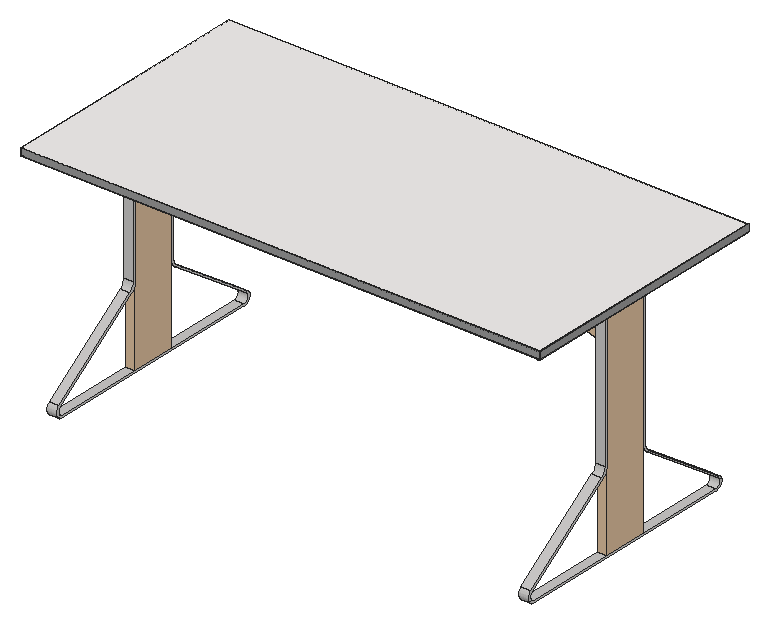
Revit family "Artek_Tables_Kaari Table rectangular_Kaari Table rectangular REB012", category Furniture, Revit 2017
Family settings
  OmniClass Number = 23.40.20.14.17.11
  OmniClass Title = Dining Room Tables
  Work Plane-Based = No
  Always vertical = Yes
  Cut with Voids When Loaded = No
  Shared = No
  Room Calculation Point = No
Parameters (values of type "Kaari Table rectangular REB012")
  WarrantyStartDate [instance] = "n/a"
  WarrantyGuarantorParts = "n/a"
  WarrantyGuarantorLabor = "n/a"
  WarrantyDurationUnit = "Years"
  WarrantyDurationParts = "n/a"
  WarrantyDurationLabor = "n/a"
  WarrantyDescription = "n/a"
  VersionDate = "11/3/2020"  # constant formula
  Version = "1"  # constant formula
  Uniclass2015Reference = "Pr_40_50_21_22"
  Uniclass2015Description = "Dining tables"
  Uniclass2 = "Pr_40_50_21_21"
  URL = "https://www.artek.fi/en/products/kaari-table-rectangular"
  Type Comments = ""
  TagNumber [instance] = "n/a"
  TableTopMaterial [instance] = HPL, high-gloss white
  SustainabilityPerformance = "n/a"
  Style = "n/a"
  Size = "1600x740x800 mm"
  Shape = "Sculptured"
  SerialNumber [instance] = "n/a"
  Revision = "n/a"
  ReplacementCost = "n/a"
  ProductInformation = "n/a"
  Product data url = ""
  NominalLength = 1600 mm
  NominalHeight = 740 mm
  NominalDepth = 800 mm
  Name = "Kaari Table rectangular REB012"
  NBSReference = "45-35-86/327"
  NBSDescription = "Tables"
  ModelReference = "n/a"
  ModelNumber = "28305702"
  Material = "Wood/Steel"
  ManufacturerURL = "https://www.artek.fi/"
  ManufacturerName = "Artek"
  Model = "Kaari Table rectangular REB012"
  Manufacturer = "Artek"
  MainColor = "Natural/black oak"
  LegsMaterial [instance] = Natural oak, with protective varnish
  InstallationDate [instance] = "n/a"
  IfcExportType = "TABLE"  # constant formula
  IfcExportAs = "IfcFurnishingElementType"  # constant formula
  Grade = "n/a"
  Finish = "n/a"
  Features = "n/a"
  ExpectedLife = "n/a"
  DurationUnit = "Years"
  Designer = "Ronan & Erwan Bouroullec"
  Description = ""
  Cost = 0
  ConvergoRefNr = "0190-2009-0030-FI"  # constant formula
  Constituents = "n/a"
  Color = "Natural/black oak"
  Collection = "Kaari Collection"
  CodePerformance = "n/a"
  Barcode [instance] = "n/a"
  AssetIdentifier [instance] = "n/a"
  Category = "Tables"
  Brand = "Artek"
  BIMObjectName = "Artek_Tables_Kaari Table rectangular_Kaari Table rectangular REB012"  # constant formula
  Author = "Convergo AB"  # constant formula
  AssetType = "Movable"
  AccessibilityPerformance = "n/a"
Reference planes
  plane 1 "Center (Front/Back)": y = 0
  plane 2: z = 0
  plane 3 "Center (Left/Right)": x = 0
  plane 4: x = -800
  plane 5: x = 800
  plane 6: y = 400
  plane 7: y = -400
  plane 8: z = 740
Dimensions and locks
  equal spacing: plane 4, plane 3 "Center (Left/Right)", plane 5
  "NominalLength": plane 4 to plane 5
  equal spacing: plane 7, plane 1 "Center (Front/Back)", plane 6
  "NominalDepth": plane 7 to plane 6
  "NominalHeight": plane 8 to plane 2
  aligned and locked: level to plane 2
Nested families
  nested 1: "kaari_table_160x80" at (0, 0, 0), Legs <- "LegsMaterial", Table <- "TableTopMaterial", type "kaari_table_160x80"
    with TableFrame ABS, Table HPL, high-gloss white, LegsFrame Flat rolled steel, Legs Natural oak, with protective varnish
Definition of nested family "kaari_table_160x80"
  Parameters (values of type "kaari_table_160x80")
    TableFrame [instance] = none
    Table [instance] = none
    LegsFrame [instance] = none
    Legs [instance] = none
  Reference planes
    plane 1 "Center (Front/Back)": y = 0
    plane 2: z = 0
    plane 3 "Center (Left/Right)": x = 0
  Forms (mm)
    Extrusion 1, solid, material <- "Legs", detail levels medium+fine
      sketch origin (0, 0, 0) x (0, 1, 0) y (0, 0, 1)
        loop
          line (70, 716) -> (-70, 716) -> (-70, 10.5) -> (70, 10.5) -> (70, 716)
      from -740.5 to -711.5
    Extrusion 2, solid, material <- "Legs", detail levels medium+fine
      sketch origin (0, 0, 0) x (0, 1, 0) y (0, 0, -1)
        loop
          line (70, -716) -> (70, -10.5) -> (-70, -10.5) -> (-70, -716) -> (70, -716)
      from -740.5 to -711.5
    Extrusion 3, solid, material <- "Legs", detail levels medium+fine
      sketch origin (0, 0, 0) x (1, 0, 0) y (0, 0, 1)
        loop
          line (458.253, 616) -> (463.645, 615.259) -> (711, 546) -> (711, 716) -> (-711, 716) -> (-711, 546) -> (-463.645, 615.259) -> (-458.253, 616) -> (458.253, 616)
      from -14 to 14
    Extrusion 4, solid, material <- "LegsFrame", detail levels medium+fine
      sketch origin (0, 0, 0) x (0, 1, 0) y (0, 0, 1)
        loop
          line (0.029, 4.5) -> (350.037, 4.5)
          arc (350.037, 4.5) -> (370.063, 19.183) -> (362.081, 42.697) r 20.997
          line (362.081, 42.697) -> (88.822, 234.036)
          arc (88.822, 234.036) -> (79.419, 244.758) -> (76.029, 258.611) r 30
          line (76.029, 258.611) -> (76.029, 716) -> (70, 716) -> (70, 258.69)
          arc (70, 258.69) -> (74.081, 242.014) -> (85.4, 229.107) r 36.115
          line (85.4, 229.107) -> (358.633, 37.787)
          arc (358.633, 37.787) -> (364.335, 20.989) -> (350.029, 10.5) r 15
          line (350.029, 10.5) -> (-350.029, 10.5)
          arc (-350.029, 10.5) -> (-364.335, 20.989) -> (-358.633, 37.787) r 15
          line (-358.633, 37.787) -> (-85.346, 229.145)
          arc (-85.346, 229.145) -> (-74.066, 242.007) -> (-70, 258.624) r 35.988
          line (-70, 258.624) -> (-70, 716) -> (-76.029, 716) -> (-76.029, 258.833)
          arc (-76.029, 258.833) -> (-79.467, 244.783) -> (-89.004, 233.908) r 30.428
          line (-89.004, 233.908) -> (-362.081, 42.697)
          arc (-362.081, 42.697) -> (-370.063, 19.183) -> (-350.037, 4.5) r 20.997
          line (-350.037, 4.5) -> (-0.029, 4.5)
      from -741 to -711
    Extrusion 5, solid, material <- "LegsFrame", detail levels medium+fine
      sketch origin (0, 0, 0) x (0, 1, 0) y (0, 0, -1)
        loop
          line (0.029, -4.5) -> (350.037, -4.5)
          arc (350.037, -4.5) -> (370.063, -19.183) -> (362.081, -42.697) r 20.997
          line (362.081, -42.697) -> (88.822, -234.036)
          arc (88.822, -234.036) -> (79.419, -244.758) -> (76.029, -258.611) r 30
          line (76.029, -258.611) -> (76.029, -716) -> (70, -716) -> (70, -258.69)
          arc (70, -258.69) -> (74.081, -242.014) -> (85.4, -229.107) r 36.115
          line (85.4, -229.107) -> (358.633, -37.787)
          arc (358.633, -37.787) -> (364.335, -20.989) -> (350.029, -10.5) r 15
          line (350.029, -10.5) -> (-350.029, -10.5)
          arc (-350.029, -10.5) -> (-364.335, -20.989) -> (-358.633, -37.787) r 15
          line (-358.633, -37.787) -> (-85.346, -229.145)
          arc (-85.346, -229.145) -> (-74.066, -242.007) -> (-70, -258.624) r 35.988
          line (-70, -258.624) -> (-70, -716) -> (-76.029, -716) -> (-76.029, -258.833)
          arc (-76.029, -258.833) -> (-79.467, -244.783) -> (-89.004, -233.908) r 30.428
          line (-89.004, -233.908) -> (-362.081, -42.697)
          arc (-362.081, -42.697) -> (-370.063, -19.183) -> (-350.037, -4.5) r 20.997
          line (-350.037, -4.5) -> (-0.029, -4.5)
      from -741 to -711
    Extrusion 6, solid, material <- "Table", detail levels medium+fine
      sketch origin (0, 0, 0) x (1, 0, 0) y (0, 1, 0)
        loop
          line (-799.6, -399.6) -> (799.6, -399.6) -> (799.6, 399.6) -> (-799.6, 399.6) -> (-799.6, -399.6)
      from 716 to 740
    Extrusion 7, solid, material <- "TableFrame", detail levels medium+fine
      sketch origin (10, 0, 0) x (1, 0, 0) y (0, 1, 0)
        loop
          arc (-743, 286) -> (-741.536, 282.464) -> (-738, 281) r 5
          line (-738, 281) -> (-734, 281)
          arc (-734, 281) -> (-730.464, 282.464) -> (-729, 286) r 5
          line (-729, 286) -> (-729, 334)
          arc (-729, 334) -> (-730.464, 337.536) -> (-734, 339) r 5
          line (-734, 339) -> (-738, 339)
          arc (-738, 339) -> (-741.536, 337.536) -> (-743, 334) r 5
          line (-743, 334) -> (-743, 286)
        loop
          line (-743, -286) -> (-743, -334)
          arc (-743, -334) -> (-741.536, -337.536) -> (-738, -339) r 5
          line (-738, -339) -> (-734, -339)
          arc (-734, -339) -> (-730.464, -337.536) -> (-729, -334) r 5
          line (-729, -334) -> (-729, -286)
          arc (-729, -286) -> (-730.464, -282.464) -> (-734, -281) r 5
          line (-734, -281) -> (-738, -281)
          arc (-738, -281) -> (-741.536, -282.464) -> (-743, -286) r 5
        loop
          line (723, 286) -> (723, 334)
          arc (723, 334) -> (721.536, 337.536) -> (718, 339) r 5
          line (718, 339) -> (714, 339)
          arc (714, 339) -> (710.464, 337.536) -> (709, 334) r 5
          line (709, 334) -> (709, 286)
          arc (709, 286) -> (710.464, 282.464) -> (714, 281) r 5
          line (714, 281) -> (718, 281)
          arc (718, 281) -> (721.536, 282.464) -> (723, 286) r 5
        loop
          arc (723, -286) -> (721.536, -282.464) -> (718, -281) r 5
          line (718, -281) -> (714, -281)
          arc (714, -281) -> (710.464, -282.464) -> (709, -286) r 5
          line (709, -286) -> (709, -334)
          arc (709, -334) -> (710.464, -337.536) -> (714, -339) r 5
          line (714, -339) -> (718, -339)
          arc (718, -339) -> (721.536, -337.536) -> (723, -334) r 5
          line (723, -334) -> (723, -286)
      from 0 to 4.5
    Extrusion 8, solid, material <- "TableFrame", detail levels medium+fine
      sketch origin (0, 0, 0) x (1, 0, 0) y (0, 1, 0)
        loop
          line (-800, 400) -> (-800, -400) -> (800, -400) -> (800, 400) -> (-800, 400)
        loop
          line (799.6, -399.6) -> (799.6, 399.6) -> (-799.6, 399.6) -> (-799.6, -399.6) -> (799.6, -399.6)
      from 716 to 740
    Sweep 9, void
      path in 3D
        loop
          line (-800, -400, 740) -> (800, -400, 740) -> (800, 400, 740) -> (-800, 400, 740) -> (-800, -400, 740)
      profile origin (-800, 0, 740) x (1, 0, 0) y (0, 0, 1)
        loop
          line (0, 0) -> (0, -1) -> (1, 0) -> (0, 0)
    Sweep 10, void
      path in 3D
        loop
          line (-800, -400, 716) -> (-800, 400, 716) -> (800, 400, 716) -> (800, -400, 716) -> (-800, -400, 716)
      profile origin (0, -400, 716) x (0, 1, 0) y (0, 0, -1)
        loop
          line (0, 0) -> (0, -1) -> (1, 0) -> (0, 0)
    Extrusion 11, solid, material <- "Table", detail levels coarse
      sketch origin (0, 0, 0) x (1, 0, 0) y (0, 1, 0)
        loop
          line (-800, 400) -> (-800, -400) -> (800, -400) -> (800, 400) -> (-800, 400)
      from 0 to 740
  Cuts and joins
    Sweep 9, Sweep 10 cuts Extrusion 6
    Sweep 9, Sweep 10 cuts Extrusion 8
  Lines and regions (mm)
    symbolic lines, detail levels medium+fine
      curve 1: line (0, 0, 740) -> (-799, 0, 740)
      curve 2: line (-799, 0, 740) -> (-800, 0, 739)
      curve 3: line (-800, 0, 739) -> (-800, 0, 717)
      curve 4: line (-800, 0, 717) -> (-799, 0, 716)
      curve 5: line (-799, 0, 716) -> (-740.5, 0, 716)
      curve 6: line (-740.5, 0, 716) -> (-740.5, 0, 4.5)
      curve 7: line (-740.5, 0, 4.5) -> (-732.5, 0, 4.5)
      curve 8: line (-711, 0, 4.5) -> (-711, 0, 546)
      curve 9: line (-458.253, 0, 616) -> (0, 0, 616)
      curve 12: line (0, 0, 740) -> (799, 0, 740)
      curve 13: line (799, 0, 740) -> (800, 0, 739)
      curve 14: line (800, 0, 739) -> (800, 0, 717)
      curve 15: line (800, 0, 717) -> (799, 0, 716)
      curve 16: line (799, 0, 716) -> (740.5, 0, 716)
      curve 17: line (740.5, 0, 716) -> (740.5, 0, 4.5)
      curve 18: line (740.5, 0, 4.5) -> (733, 0, 4.5)
      curve 19: line (711, 0, 4.5) -> (711, 0, 546)
      curve 20: line (458.253, 0, 616) -> (0, 0, 616)
      curve 23: line (0, 0, 740) -> (0, 399, 740)
      curve 24: line (0, 399, 740) -> (0, 400, 739)
      curve 25: line (0, 400, 739) -> (0, 400, 717)
      curve 26: line (0, 400, 717) -> (0, 399, 716)
      curve 27: line (0, 399, 716) -> (0, 76.029, 716)
      curve 28: line (0, 76.029, 716) -> (0, 76.029, 258.611)
      curve 29: arc (0, 88.822, 234.036) -> (0, 79.419, 244.758) -> (0, 76.029, 258.611) r 30
      curve 30: line (0, 362.081, 42.697) -> (0, 88.822, 234.036)
      curve 31: arc (0, 350.037, 4.5) -> (0, 370.063, 19.183) -> (0, 362.081, 42.697) r 20.997
      curve 32: line (0, -0.029, 4.5) -> (0, 281, 4.5)
      curve 39: line (0, 0, 740) -> (0, -399, 740)
      curve 40: line (0, -399, 740) -> (0, -400, 739)
      curve 41: line (0, -400, 739) -> (0, -400, 717)
      curve 42: line (0, -400, 717) -> (0, -399, 716)
      curve 43: line (0, -399, 716) -> (0, -76.029, 716)
      curve 44: line (0, -76.029, 716) -> (0, -76.029, 258.611)
      curve 45: arc (0, -88.822, 234.036) -> (0, -79.419, 244.758) -> (0, -76.029, 258.611) r 30
      curve 46: line (0, -362.081, 42.697) -> (0, -88.822, 234.036)
      curve 47: arc (0, -350.037, 4.5) -> (0, -370.063, 19.183) -> (0, -362.081, 42.697) r 20.997
      curve 48: line (0, -0.029, 4.5) -> (0, -281, 4.5)
      curve 55: line (-732.5, 0, 4.5) -> (-732.5, 0, 0)
      curve 56: line (-732.5, 0, 0) -> (-718.5, 0, 0)
      curve 57: line (-718.5, 0, 0) -> (-718.5, 0, 4.5)
      curve 59: line (-718.5, 0, 4.5) -> (-711, 0, 4.5)
      curve 60: line (719, 0, 4.5) -> (719, 0, 0)
      curve 61: line (719, 0, 0) -> (733, 0, 0)
      curve 62: line (733, 0, 0) -> (733, 0, 4.5)
      curve 63: line (719, 0, 4.5) -> (711, 0, 4.5)
      curve 65: line (0, 339, 4.5) -> (0, 339, 0)
      curve 66: line (0, 339, 0) -> (0, 281, 0)
      curve 67: line (0, 281, 0) -> (0, 281, 4.5)
      curve 69: line (0, 339, 4.5) -> (0, 350.037, 4.5)
      curve 70: line (0, -281, 4.5) -> (0, -281, 0)
      curve 71: line (0, -281, 0) -> (0, -339, 0)
      curve 72: line (0, -339, 0) -> (0, -339, 4.5)
      curve 74: line (0, -339, 4.5) -> (0, -350.037, 4.5)
      curve 75: line (-711, 0, 546) -> (-463.645, 0, 615.259)
      curve 76: line (-463.645, 0, 615.259) -> (-458.253, 0, 616)
      curve 77: line (463.645, 0, 615.259) -> (711, 0, 546)
      curve 78: line (458.253, 0, 616) -> (463.645, 0, 615.259)
      curve 79: line (800, 400, 0) -> (-800, 400, 0)
      curve 80: line (-800, 400, 0) -> (-800, -400, 0)
      curve 81: line (-800, -400, 0) -> (800, -400, 0)
      curve 82: line (800, -400, 0) -> (800, 400, 0)
    symbolic lines, detail levels fine
      curve 10: line (-740.5, 0, 716) -> (0, 0, 716)
      curve 11: line (-711, 0, 546) -> (-711, 0, 716)
      curve 21: line (740.5, 0, 716) -> (0, 0, 716)
      curve 22: line (711, 0, 546) -> (711, 0, 716)
      curve 33: line (0, 76.029, 716) -> (0, 0, 716)
      curve 34: line (0, 70, 10.5) -> (0, 70, 716)
      curve 35: line (0, 85.4, 229.107) -> (0, 358.633, 37.787)
      curve 36: arc (0, 70, 258.69) -> (0, 74.081, 242.014) -> (0, 85.4, 229.107) r 36.115
      curve 37: arc (0, 358.633, 37.787) -> (0, 364.335, 20.989) -> (0, 350.029, 10.5) r 15
      curve 38: line (0, 350.029, 10.5) -> (0, 0, 10.5)
      curve 49: line (0, -76.029, 716) -> (0, 0, 716)
      curve 50: line (0, -70, 10.5) -> (0, -70, 716)
      curve 51: line (0, -85.4, 229.107) -> (0, -358.633, 37.787)
      curve 52: arc (0, -70, 258.69) -> (0, -74.081, 242.014) -> (0, -85.4, 229.107) r 36.115
      curve 53: arc (0, -358.633, 37.787) -> (0, -364.335, 20.989) -> (0, -350.029, 10.5) r 15
      curve 54: line (0, -350.029, 10.5) -> (0, 0, 10.5)
      curve 58: line (-732.5, 0, 4.5) -> (-718.5, 0, 4.5)
      curve 64: line (733, 0, 4.5) -> (719, 0, 4.5)
      curve 68: line (0, 281, 4.5) -> (0, 339, 4.5)
      curve 73: line (0, -281, 4.5) -> (0, -339, 4.5)
      curve 83: line (800, 400, 0) -> (799, 399, 0)
      curve 84: line (799, 399, 0) -> (-799, 399, 0)
      curve 85: line (799, -399, 0) -> (799, 399, 0)
      curve 86: line (-799, -399, 0) -> (799, -399, 0)
      curve 87: line (800, -400, 0) -> (799, -399, 0)
      curve 88: line (-799, 399, 0) -> (-799, -399, 0)
      curve 89: line (-799, -399, 0) -> (-800, -400, 0)
      curve 90: line (-800, 400, 0) -> (-799, 399, 0)
    sketch lines
      curve 91: line (-800, 400, 740) -> (-800, -400, 740)
      curve 92: line (-800, -400, 740) -> (800, -400, 740)
      curve 93: line (800, -400, 740) -> (800, 400, 740)
      curve 94: line (800, 400, 740) -> (-800, 400, 740)
      curve 95: line (800, -400, 716) -> (-800, -400, 716)
      curve 96: line (-800, -400, 716) -> (-800, 400, 716)
      curve 97: line (-800, 400, 716) -> (800, 400, 716)
      curve 98: line (800, 400, 716) -> (800, -400, 716)
  Dimensions and locks
    aligned and locked: level to plane 2
